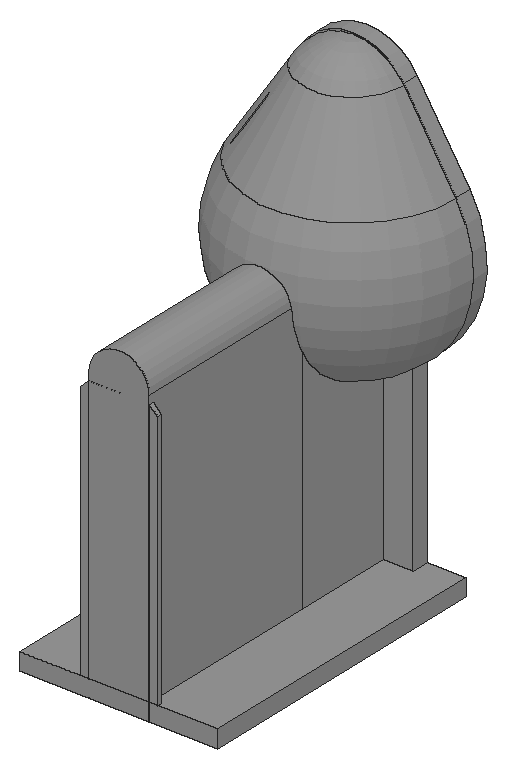
Revit family "Toilet-Willoughby-1490-ETWS-FM-TS-HC", category Plumbing Fixtures, host Face, Revit 2014
Parameters (values of type "Standard")
  Waste DIA = 2 1/2"
  Waste Connection = yes
  W-RAD [instance] = Waste DIA / 2  # 0' - 1 1/4"
  Vent Connection = no
  URL = "www.willoughby-ind.com"
  Type Comments = "Siphon Jet Flush"
  Revision = "A"
  Model = "ETWS-1490-FM-TS"
  Manufacturer = "Willoughby Industries"
  HW Connection = no
  Flush inlet DIA = 1 1/2"
  Flush Inlet Connection = yes
  Fixture Body = Stainless Steel AISI 304-Willoughby
  F-RAD [instance] = Flush inlet DIA / 2  # 0' - 0 3/4"
  Description = "Floor Mounted Toilet"
  Default Elevation = 0' - 0"
  Contact Number = "(800) 428-4065"
  CW Connection = no
Reference planes (in)
  plane 1 "Base": y = -16.25
  plane 2: z = 0
  plane 3 "Center": x = 18.31072
  plane 4 "Seat HGT": y = 1.75
  plane 5: x = 16.56072
  plane 6: x = 20.06072
  plane 7: x = 12.56072
  plane 8: x = 24.06072
  plane 9: z = 2.75
  plane 10 "Waste HGT": y = -7.75
  plane 11: z = 27.75
  plane 12: y = 0.75
Forms (in)
  Extrusion 1, solid, material "Stainless Steel AISI 304-Willoughby" <- "Fixture Body"
    sketch origin (16.08109, 7.47968, -5.1422) x (-1, 0, 0) y (0, 0, -1)
      loop
        line (1.29775, -16.80087) -> (1.29775, -5.1422) -> (-5.72963, -5.1422) -> (-5.72963, -16.81676)
        arc (-5.72963, -16.81676) -> (-8.98136, -21.11843) -> (-8.21015, -26.45542) r 7
        line (-8.21015, -26.45542) -> (-5.16818, -31.31054)
        arc (-5.16818, -31.31054) -> (-2.20225, -32.95225) -> (0.76368, -31.31054) r 3.5
        line (0.76368, -31.31054) -> (3.80565, -26.45542)
        arc (3.80565, -26.45542) -> (4.5729, -21.10311) -> (1.29775, -16.80087) r 7
      loop
        arc (2.03989, -24.70557) -> (-2.20225, -18.23804) -> (-6.44438, -24.70557) r 4.625
        line (-6.44438, -24.70557) -> (-4.04125, -30.23842)
        arc (-4.04125, -30.23842) -> (-2.20225, -31.45225) -> (-0.36324, -30.23842) r 2
        line (-0.36324, -30.23842) -> (2.03989, -24.70557)
    from 6.72968 to 5.72968
  Revolve 2, solid, material "Stainless Steel AISI 304-Willoughby" <- "Fixture Body"
    sketch origin (0, 0.75, -4.48509) x (0, 0, -1) y (-1, 0, 0)
      loop
        arc (-15.14589, -18.31072) -> (-18.69238, -12.22193) -> (-25.73826, -12.30282) r 7
        line (-25.73826, -12.30282) -> (-30.59339, -15.34479)
        arc (-30.59339, -15.34479) -> (-31.79729, -16.61573) -> (-32.23509, -18.31072) r 3.5
        line (-32.23509, -18.31072) -> (-31.98509, -18.31072)
        arc (-31.98509, -18.31072) -> (-31.57877, -16.73719) -> (-30.4614, -15.55711) r 3.25
        line (-30.4614, -15.55711) -> (-25.7313, -12.59169)
        arc (-25.7313, -12.59169) -> (-18.87779, -12.40462) -> (-15.39589, -18.31072) r 6.75
        line (-15.39589, -18.31072) -> (-15.14589, -18.31072)
      axis (-15.14589, -18.31072) -> (-32.23509, -18.31072)
    angle from 0 to 180
  Extrusion 3, solid, material "Stainless Steel AISI 304-Willoughby" <- "Fixture Body"
    sketch origin (19.53334, 0.25, -2.9508) x (0, 1, 0) y (0, 0, 1)
      loop
        line (-5.3329, 2.9508) -> (0.5, 2.9508) -> (0.5, 13.9354)
        arc (0.5, 13.9354) -> (-2.83546, 15.83336) -> (-5.3329, 18.74717) r 11.18349
        line (-5.3329, 18.74717) -> (-5.3329, 2.9508)
    from 0.52738 to -2.97262
  Extrusion 4, solid, material "Stainless Steel AISI 304-Willoughby" <- "Fixture Body", detail levels medium+fine
    sketch origin (0, 14.59309, 0) x (1, 0, 0) y (0, 1, 0)
      loop
        circle (18.31072, -22.34309) r 1.25
    from 1 to -3
  Extrusion 5, solid, material "Stainless Steel AISI 304-Willoughby" <- "Fixture Body", detail levels medium+fine
    sketch origin (0, 1.11185, 0) x (1, 0, 0) y (0, 0, 1)
      loop
        circle (18.31072, 2.75) r 0.75
    from 0.36185 to -1.63815
  Extrusion 6, solid, material "Stainless Steel AISI 304-Willoughby" <- "Fixture Body"
    sketch origin (0, -16.25, 0) x (1, 0, 0) y (0, 0, 1)
      loop
        line (24.06072, 0) -> (24.06072, 1) -> (12.56072, 1) -> (12.56072, 0) -> (24.06072, 0)
    from -18 to 0
  Extrusion 7, solid, material "Stainless Steel AISI 304-Willoughby" <- "Fixture Body"
    sketch origin (0, -16.25, 2) x (1, 0, 0) y (0, 0, 1)
      loop
        line (20.06072, -2) -> (20.06072, 14.94894)
        arc (20.06072, 14.94894) -> (18.31072, 16.69894) -> (16.56072, 14.94894) r 1.75
        line (16.56072, 14.94894) -> (16.56072, -2) -> (20.06072, -2)
    from 0 to -11.1671
  Extrusion 8, solid, material "Stainless Steel AISI 304-Willoughby" <- "Fixture Body"
    sketch origin (0, -16.25, 0) x (1, 0, 0) y (0, 0, 1)
      loop
        line (20.56072, 1) -> (20.56072, 16.04076) -> (20.06072, 16.54076) -> (16.56072, 16.54076) -> (16.06072, 16.04076) -> (16.06072, 1) -> (16.56072, 1) -> (20.56072, 1)
    from 0 to -0.25
Lines and regions (in)
  symbolic lines
    curve 1: line (11.28334, 0.75, 0) -> (11.28334, 1.75, 0)
    curve 2: line (11.28334, 1.75, 0) -> (25.28334, 1.75, 0)
    curve 3: line (25.28334, 1.75, 0) -> (25.28334, 0.75, 0)
    curve 4: line (24.06072, -3.20245, 0) -> (24.06072, -16.25, 0)
    curve 5: line (24.06072, -16.25, 0) -> (12.56072, -16.25, 0)
    curve 6: line (12.56072, -16.25, 0) -> (12.56072, -3.28133, 0)
    curve 7: line (20.06072, -6.04377, 0) -> (20.06072, -16.25, 0)
    curve 8: line (16.56072, -6.03473, 0) -> (16.56072, -16.25, 0)
    curve 9: line (20.06072, -16, 0) -> (20.56072, -16, 0)
    curve 10: line (20.56072, -16, 0) -> (20.56072, -16.25, 0)
    curve 11: line (16.56072, -16, 0) -> (16.06072, -16, 0)
    curve 12: line (16.06072, -16, 0) -> (16.06072, -16.25, 0)
    curve 13: line (14.78334, -16.25, 11.65867) -> (14.78334, -16.25, 1)
    curve 14: line (14.78334, -16.25, 1) -> (12.56072, -16.25, 1)
    curve 15: line (12.56072, -16.25, 1) -> (12.56072, -16.25, 0)
    curve 16: line (12.56072, -16.25, 0) -> (24.06072, -16.25, 0)
    curve 17: line (24.06072, -16.25, 0) -> (24.06072, -16.25, 1)
    curve 18: line (24.06072, -16.25, 1) -> (21.81072, -16.25, 1)
    curve 19: line (21.81072, -16.25, 1) -> (21.81072, -16.25, 11.67456)
    curve 20: arc (21.81072, -16.25, 11.67456) -> (25.08541, -16.25, 15.97033) -> (24.29124, -16.25, 21.31322) r 6.94458
    curve 21: line (24.29124, -16.25, 21.31322) -> (21.24927, -16.25, 26.16835)
    curve 22: arc (21.24927, -16.25, 26.16835) -> (19.97832, -16.25, 27.37224) -> (18.28334, -16.25, 27.81005) r 3.5
    curve 23: arc (18.28334, -16.25, 27.81005) -> (16.58835, -16.25, 27.37224) -> (15.31741, -16.25, 26.16835) r 3.5
    curve 24: line (15.31741, -16.25, 26.16835) -> (12.35249, -16.25, 21.43905)
    curve 25: arc (12.35249, -16.25, 21.43905) -> (11.49002, -16.25, 16.03241) -> (14.78334, -16.25, 11.65867) r 7
    curve 31: line (18.31072, -6.1616, 18.69535) -> (18.31072, -16.25, 18.69535)
    curve 32: line (18.31072, -16.25, 18.69535) -> (18.31072, -16.25, 0)
    curve 33: line (18.31072, -16.25, 0) -> (18.31072, -1.25, 0)
    curve 34: line (18.31072, 1.75, 0) -> (18.31072, 1.75, 27.81005)
    curve 35: line (18.31072, 1.75, 27.81005) -> (18.31072, 0.75, 27.81005)
    curve 36: line (18.31072, 1.75, 11.65867) -> (18.31072, 0.75, 11.65867)
    curve 37: line (18.31072, 0.75, 11.65867) -> (18.31072, 0.75, 1)
    curve 38: line (18.31072, -2.02032, 1) -> (18.31072, -16.25, 1)
    curve 39: arc (18.31072, -6.1616, 18.69535) -> (18.31072, -4.40227, 13.31933) -> (18.31072, 0.75, 10.9846) r 7.02229
    curve 40: arc (18.31072, -6.1616, 18.69535) -> (18.31072, -5.86484, 20.02905) -> (18.31072, -5.2579, 21.25317) r 5.67466
    curve 41: line (18.31072, -5.2579, 21.25317) -> (18.31072, -2.16808, 26.19792)
    curve 42: arc (18.31072, -2.16808, 26.19792) -> (18.31072, -0.91692, 27.3648) -> (18.31072, 0.75, 27.75) r 3.30595
    curve 43: line (18.31072, 0.75, 27.75) -> (18.31072, 0.75, 27.81005)
    curve 44: arc (25.28334, 0.75, 0) -> (18.28334, -6.25, 0) -> (11.28334, 0.75, 0) r 7
  symbolic lines, detail levels fine
    curve 26: arc (14.0412, -16.25, 19.56337) -> (18.28334, -16.25, 13.09585) -> (22.52547, -16.25, 19.56337) r 4.625
    curve 27: line (22.52547, -16.25, 19.56337) -> (20.23477, -16.25, 24.83738)
    curve 28: arc (20.23477, -16.25, 24.83738) -> (19.45279, -16.25, 25.83044) -> (18.28334, -16.25, 26.31005) r 2.48373
    curve 29: arc (18.28334, -16.25, 26.31005) -> (17.13701, -16.25, 26.04679) -> (16.44433, -16.25, 25.09622) r 1.67984
    curve 30: line (16.44433, -16.25, 25.09622) -> (14.0412, -16.25, 19.56337)
Dimensions and locks (in)
  plane 1 "Base" to plane 4 "Seat HGT" = 1' - 6"
  plane 10 "Waste HGT" to plane 1 "Base" = 0' - 8 1/2"
  plane 1 "Base" to plane 10 "Waste HGT" = 0' - 8 1/2"
  locked: plane 7 to plane 8 at 11.5
  locked: plane 7 to plane 3 "Center" at 5.75
  host face to plane 11 = 2' - 3 3/4"
  host face to plane 9 = 0' - 2 3/4"
  plane 4 "Seat HGT" to plane 1 "Base" = 1' - 6"
  plane 4 "Seat HGT" to plane 12 = 0' - 1"
  "W-RAD": radius of Extrusion 4 sketch curve
  "F-RAD": radius of Extrusion 5 sketch curve
  aligned and locked: plane 2 to host face
  aligned and locked: level to host face
  aligned and locked: plane 3 "Center" to Extrusion 4 sketch curve
  aligned and locked: plane 3 "Center" to Extrusion 5 sketch curve
  aligned and locked: plane 9 to Extrusion 5 sketch curve
  aligned and locked: plane 10 "Waste HGT" to Extrusion 4 sketch curve
  aligned and locked: Extrusion 1 to Extrusion 5
  aligned and locked: Extrusion 1 to plane 4 "Seat HGT"
  aligned and locked: Extrusion 1 to Extrusion 6
  aligned and locked: curve 36 to Extrusion 1
Automatic sketch dimensions
  host sketch curve to host sketch curve = 3' - 8.1248"
  host sketch curve to host sketch curve = 3' - 2.61225"
  Extrusion 1 sketch curve to Extrusion 1 sketch curve = 0' - 0"  (x8)
  level to Extrusion 1 sketch curve = 0' - 0"
  plane 3 "Center" to Extrusion 1 sketch curve = 0' - 5.98052"
  Extrusion 1 sketch curve to Extrusion 1 sketch curve = 0' - 1.76576"  (x2)
  plane 3 "Center" to Extrusion 1 sketch curve = 0' - 3 1/2"
  plane 3 "Center" to Extrusion 1 sketch curve = 0' - 2.93855"
  Extrusion 1 sketch curve to Extrusion 1 sketch curve = 0' - 1.12693"  (x2)
  Extrusion 1 sketch curve to plane 3 "Center" = 0' - 0.02738"  (x2)
  Extrusion 1 sketch curve to plane 3 "Center" = 0' - 1.86639"
  Extrusion 1 sketch curve to plane 3 "Center" = 0' - 3.52738"
  Extrusion 1 sketch curve to plane 3 "Center" = 0' - 4 69/256"
  Extrusion 1 sketch curve to Extrusion 1 sketch curve = 0' - 11.65867"
  Extrusion 1 sketch curve to Extrusion 1 sketch curve = 0' - 0.01589"
  Extrusion 1 sketch curve to Extrusion 1 sketch curve = 0' - 6.06218"
  Extrusion 1 sketch curve to Extrusion 1 sketch curve = 0' - 1.74985"
  Extrusion 1 sketch curve to Extrusion 1 sketch curve = 0' - 4.74668"
  Extrusion 1 sketch curve to Extrusion 1 sketch curve = 0' - 0.78617"
  Extrusion 1 sketch curve to Extrusion 1 sketch curve = 0' - 1.07212"
  level to Extrusion 3 sketch curve = 0' - 0"
  Extrusion 3 sketch curve to plane 4 "Seat HGT" = 0' - 2.7812"
  Extrusion 3 sketch curve to Extrusion 3 sketch curve = 0' - 10.9846"
  Extrusion 3 sketch curve to Extrusion 3 sketch curve = 0' - 4.81177"
  Extrusion 6 sketch curve to plane 7 = 0' - 0"
  Extrusion 6 sketch curve to plane 8 = 0' - 0"
  Extrusion 6 sketch curve to level = 0' - 0"
  level to Extrusion 6 sketch curve = 0' - 1"
  level to Extrusion 7 sketch curve = 0' - 0"
  Extrusion 7 sketch curve to plane 6 = 0' - 0"
  plane 9 to Extrusion 7 sketch curve = 1' - 2.19894"
  plane 5 to Extrusion 7 sketch curve = 0' - 0"
  Extrusion 3 sketch curve to Extrusion 3 sketch curve = 0' - 5.8329"
  Extrusion 8 sketch curve to plane 5 = 0' - 0"  (x2)
  Extrusion 8 sketch curve to plane 6 = 0' - 0"
  Extrusion 8 sketch curve to Extrusion 8 sketch curve = 0' - 0 1/2"  (x3)
  plane 6 to Extrusion 8 sketch curve = 0' - 0 1/2"
  level to Extrusion 8 sketch curve = 0' - 1"
  plane 9 to Extrusion 8 sketch curve = 1' - 1.29076"
  curve 22 to curve 23 = 0' - 0"
  curve 25 to curve 26 = 0' - 0"  (x2)
  curve 16 to level = 0' - 0"
  curve 16 to plane 7 = 0' - 0"
  curve 17 to plane 8 = 0' - 0"
  curve 24 to plane 7 = 0' - 0.20823"
  curve 13 to plane 5 = 0' - 1.77738"
  curve 24 to plane 5 = 0' - 1.24331"
  curve 28 to plane 3 "Center" = 0' - 0.35407"
  curve 29 to plane 3 "Center" = 0' - 0.24834"
  curve 26 to plane 3 "Center" = 0' - 0.02738"
  curve 23 to plane 3 "Center" = 0' - 0.02738"
  plane 3 "Center" to curve 20 = 0' - 0.04925"
  plane 6 to curve 27 = 0' - 0.17405"
  plane 6 to curve 21 = 0' - 1.18855"
  plane 6 to curve 19 = 0' - 1 3/4"
  curve 27 to plane 8 = 0' - 1.53525"
  plane 8 to curve 21 = 0' - 0.23052"
  level to curve 14 = 0' - 1"
  level to curve 18 = 0' - 1"
  plane 9 to curve 13 = 0' - 8.90867"
  curve 13 to curve 19 = 0' - 0.01589"
  curve 19 to curve 20 = 0' - 6.02656"
  curve 20 to curve 26 = 0' - 0.01972"
  curve 27 to curve 20 = 0' - 1.74985"
  curve 28 to plane 11 = 0' - 3.9021"
  curve 28 to curve 23 = 0' - 0.46215"
  curve 23 to curve 29 = 0' - 0.33476"
  curve 23 to curve 27 = 0' - 0 135/256"
  curve 21 to plane 11 = 0' - 1.58165"
  plane 7 to curve 26 = 0' - 1 123/256"
  curve 30 to plane 5 = 0' - 0.11639"
  curve 29 to curve 28 = 0' - 0"
  Revolve 2 sketch curve to Revolve 2 sketch curve = 0' - 0"  (x2)
  Revolve 2 sketch curve to plane 3 "Center" = 0' - 0"  (x3)
  Revolve 2 sketch curve to plane 11 = 0' - 0"
  Revolve 2 sketch curve to plane 11 = 0' - 0 1/4"
  Revolve 2 sketch curve to plane 5 = 0' - 1.21593"
  Revolve 2 sketch curve to plane 11 = 0' - 1.6417"
  Revolve 2 sketch curve to plane 5 = 0' - 1.00361"
  Revolve 2 sketch curve to Revolve 2 sketch curve = 0' - 0.13199"
  plane 3 "Center" to Revolve 2 sketch curve = 0' - 0"
  Revolve 2 sketch curve to plane 7 = 0' - 0.2579"
  Revolve 2 sketch curve to Revolve 2 sketch curve = 0' - 4.85513"
  plane 7 to Revolve 2 sketch curve = 0' - 0.03097"
  Revolve 2 sketch curve to Revolve 2 sketch curve = 0' - 0.00696"
  Revolve 2 sketch curve to Revolve 2 sketch curve = 0' - 6.5892"
  Revolve 2 sketch curve to Revolve 2 sketch curve = 0' - 3 1/4"
  Revolve 2 sketch curve to Revolve 2 sketch curve = 0' - 2.4108"
  curve 31 to plane 1 "Base" = 0' - 0"
  curve 33 to level = 0' - 0"
  curve 42 to plane 11 = 0' - 0"
  curve 42 to plane 12 = 0' - 0"
  curve 36 to plane 4 "Seat HGT" = 0' - 0"
  curve 34 to level = 0' - 0"
  plane 10 "Waste HGT" to curve 31 = 0' - 1.5884"
  plane 10 "Waste HGT" to curve 41 = 0' - 2.4921"
  curve 40 to plane 12 = 0' - 1.26431"
  curve 42 to plane 12 = 0' - 0.11447"
  plane 12 to curve 39 = 0' - 0.07682"
  plane 9 to curve 36 = 0' - 8.90867"
  curve 36 to curve 39 = 0' - 6.34779"
  curve 39 to curve 40 = 0' - 0.1322"
  curve 42 to plane 11 = 0' - 3.30397"
  plane 11 to curve 35 = 0' - 0.06005"
  level to curve 37 = 0' - 1"
  level to curve 38 = 0' - 1"
  curve 41 to plane 11 = 0' - 1.55208"
  curve 38 to plane 12 = 0' - 2.77032"
  curve 38 to curve 33 = 0' - 0.77032"
  Extrusion 3 sketch curve to plane 12 = 0' - 0"
  curve 1 to plane 12 = 0' - 0"
  plane 4 "Seat HGT" to curve 1 = 0' - 0"
  curve 6 to plane 7 = 0' - 0"
  plane 1 "Base" to curve 12 = 0' - 0"
  curve 8 to plane 5 = 0' - 0"
  curve 7 to plane 6 = 0' - 0"
  curve 4 to plane 8 = 0' - 0"
  curve 2 to plane 7 = 0' - 1.27738"
  curve 11 to plane 1 "Base" = 0' - 0 1/4"
  curve 11 to curve 11 = 0' - 0 1/2"
  curve 44 to plane 3 "Center" = 0' - 0.02738"
  curve 10 to plane 1 "Base" = 0' - 0 1/4"
  plane 6 to curve 10 = 0' - 0 1/2"
  plane 10 "Waste HGT" to curve 7 = 0' - 1.70623"
Connectors (in)
  piping at (18.31072, -7.75, -3), diameter 2.5, driven by "W-RAD", driven by "Waste Connection"
    settings: on Extrusion 4, index 1, connector inside diameter 2 1/2", connector length 0' - 0", flow factor 0, pipe flow 0 GPM, pressure drop 0.00 psi, fitting loss kfactor 0, connector angle 0.00°, fixture units 0, engagement length 0' - 0", angle of deflection 0.00°, flow configuration 0, flow direction 2, fitting loss method 0, system type 16, joint type 0, gender type 0, connector reference index -1, connector utility 1, adjustable connector yes, is connector primary yes, connector description "Toilet Waste"
  piping at (18.31072, 2.75, 2.75), diameter 1.5, driven by "F-RAD", driven by "Flush Inlet Connection"
    settings: on Extrusion 5, index 2, connector inside diameter 1 1/2", connector length 0' - 0", flow factor 0, pipe flow 0 GPM, pressure drop 0.00 psi, fitting loss kfactor 0, connector angle 0.00°, fixture units 0, engagement length 0' - 0", angle of deflection 0.00°, flow configuration 0, flow direction 1, fitting loss method 0, system type 20, joint type 0, gender type 0, connector reference index -1, connector utility 1, adjustable connector no, is connector primary no, connector description "Flush Inlet"
